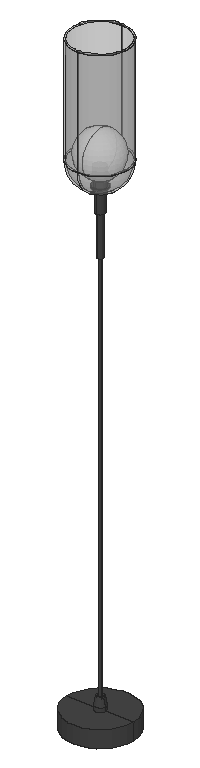
Revit family "AFX-Kirian-Pendant+", category Lighting Fixtures, host Face, Revit 2020
Family settings
  Host = Face
  Round Connector Dimension = Use Diameter
  Part Type = Normal
  Cut with Voids When Loaded = No
  Light Source = Yes
  Shared = No
  Room Calculation Point = No
Parameters (values of type "KRNP04")
  Wattage Comments = "6W"
  Wattage = 19 W
  built-in parameter 1150110 = 1 (stored number, unit not read)
  Voltage = 120 V
  URL = "https://www.afxinc.com/"
  Type Comments = "GLO"  # constant formula
  built-in parameter 1114217 = 1 (stored number, unit not read)
  Tilt Angle = 90.00°
  built-in parameter 1150109 = 1 (stored number, unit not read)
  built-in parameter 1150134 = (empty or 0)
  built-in parameter 1150113 = 1 (stored number, unit not read)
  Diffuser Finish = AFX - White Acrylic
  Revit Model Built By = "https://servex-us.com/servex-revit/"
  Product Documentation Link = "https://www.afxinc.com/products/productDetail.cfm?productID=1902"
  Photometric Web File = "KRNP04L30D1BK_3000K_IES.IES"
  Model = "KRNP04"
  Manufacturer = "AFX Inc"  # constant formula
  built-in parameter 1150105 = 224.59 (stored number, unit not read)
  Lumens = 2822.3 lm
  built-in parameter 1150115 = 1 (stored number, unit not read)
  built-in parameter 1150137 = (empty or 0)
  built-in parameter 1150139 = (empty or 0)
  built-in parameter 1150112 = 1 (stored number, unit not read)
  built-in parameter 1150114 = 1 (stored number, unit not read)
  Lamp = "LED"
  built-in parameter 1150132 = (empty or 0)
  built-in parameter 1150102 = (empty or 0)
  built-in parameter 1150107 = 3000 (stored number, unit not read)
  built-in parameter 1150138 = (empty or 0)
  built-in parameter 1150106 = 2.2459 (stored number, unit not read)
  Height = 9 3/4"
  Emit from Circle Diameter = 24"
  Emit Shape Visible in Rendering = no
  built-in parameter 1150104 = 13.8 (stored number, unit not read)
  Dimming Lamp Color Temperature Shift = <None>
  Diameter = 4"
  Description = "4\" LED Pendant"
  Default Elevation = 48"
  Colour Rendering Index = "90 CRI"
  Color Rendering Index = 90
  Color Filter = 16777215
  Ceiling Distance [instance] = 30"
  Cable Finish = AFX - Aluminum Black
  Bracket Finish = AFX - Aluminum Black
  Body Finish = AFX - Glass, Cast, Gray
  built-in parameter 1114218 = 1 (stored number, unit not read)
  built-in parameter 1150133 = 10 (stored number, unit not read)
  Assembly Code = "D5020200"
  Apparent Load = 0 VA
Reference planes (in)
  plane 1 "Center (Front/Back)": y = 0
  plane 2: z = 0
  plane 3 "Center (Left/Right)": x = 0
  plane 4: z = 1.1811
  plane 5: z = 40.09118
  plane 6: z = 44.03543
  plane 7: z = 30
Forms (in)
  Revolve 1, solid, material "AFX - Glass, Cast, Gray" <- "Body Finish"
    sketch origin (0, 0, 0) x (0, 1, 0) y (0, 0, 1)
      loop
        arc (2.00964, 43.92841) -> (1.95495, 43.9831) -> (1.90027, 43.92841) r 0.05469
        line (1.90027, 43.92841) -> (1.90027, 36.21737)
        arc (1.90027, 36.21737) -> (1.43382, 34.9703) -> (0.26346, 34.33545) r 1.90027
        line (0.26346, 34.33545) -> (0.26346, 34.22507)
        arc (0.26346, 34.22507) -> (1.51131, 34.89276) -> (2.00964, 36.21737) r 2.00964
        line (2.00964, 36.21737) -> (2.00964, 43.92841)
      axis (0, 34.22507) -> (0, 43.92841)
    angle from 0 to 360
  Revolve 2, solid, material "AFX - White Acrylic" <- "Diffuser Finish"
    sketch origin (0, 0, 0) x (0, 1, 0) y (0, 0, 1)
      loop
        line (0.42431, 35.13435) -> (0.61085, 35.13435)
        arc (0.61085, 35.13435) -> (1.54492, 36.89876) -> (0, 38.16322) r 1.57603
        line (0, 38.16322) -> (0, 38.10072)
        arc (0, 38.10072) -> (1.49828, 36.8015) -> (0.42431, 35.13435) r 1.51353
      axis (0, 38.16322) -> (0, 35.13435)
    angle from 0 to 360
  Revolve 3, solid, material "AFX - Aluminum Black" <- "Bracket Finish"
    sketch origin (0, 0, 0) x (0, 1, 0) y (0, 0, 1)
      loop
        line (0.41339, 35.82677) -> (0, 35.82677) -> (0, 30) -> (0.17824, 30) -> (0.17824, 32.88189) -> (0.29949, 32.88189) -> (0.29949, 34.28757) -> (0.26346, 34.28757) -> (0.26346, 34.47353) -> (0.54319, 34.47353) -> (0.54319, 34.54724) -> (0.36284, 34.54724) -> (0.36284, 35.13619) -> (0.58942, 35.13619) -> (0.58942, 35.19823) -> (0.41339, 35.19823) -> (0.41339, 35.82677)
      axis (0, 30) -> (0, 35.82677)
    angle from 0 to 360
  Extrusion 4, solid, material "AFX - Aluminum Black" <- "Cable Finish"
    sketch origin (-23.60649, -180, 36) x (1, 0, 0) y (0, 1, 0)
      loop
        circle (23.60649, 180) r 0.10205
    from -34.8189 to -6
  Revolve 5, solid, material "AFX - Aluminum Black" <- "Bracket Finish"
    sketch origin (0, 0, 0) x (1, 0, 0) y (0, 0, 1)
      loop
        line (-2.37435, 0) -> (0, 0) -> (0, 1.1811) -> (-0.09535, 1.1811) -> (-0.09535, 2.04724) -> (-0.2321, 2.04724) -> (-0.37435, 1.4311) -> (-0.37435, 1.1811) -> (-2.37435, 1.1811) -> (-2.37435, 0)
      axis (0, 2.04724) -> (0, 0)
    angle from 0 to 360
Dimensions and locks (in)
  locked: plane 4 to plane 2 at 1.1811
  "Ceiling Distance": plane 7 to plane 2
  Revolve 5 sketch curve to Revolve 5 sketch curve to plane 4 = 0.61614" locked, 1/4" locked
  locked: plane 5 to plane 7 at 10.09118
  locked: plane 6 to plane 7 at 14.03543
  Revolve 3 sketch curve to Revolve 3 sketch curve to Revolve 3 sketch curve to Revolve 3 sketch curve to Revolve 3 sketch curve to Revolve 3 sketch curve to Revolve 3 sketch curve to plane 7 = 0.62854" locked, 0.06204" locked, 0.58895" locked, 0.07371" locked, 0.18596" locked, 1.40568" locked, 2.88189" locked
  aligned and locked: plane 2 to host face
  aligned and locked: level to host face
  aligned and locked: imposter light to plane 1 "Center (Front/Back)"
  aligned and locked: imposter light to plane 3 "Center (Left/Right)"
  aligned and locked: imposter light to plane 5
  aligned and locked: Extrusion 4 to plane 4
  aligned and locked: plane 7 to Extrusion 4
  aligned and locked: Revolve 5 sketch curve to plane 4
  aligned and locked: plane 4 to Revolve 5 sketch curve
  aligned and locked: Revolve 3 sketch curve to plane 7
Automatic sketch dimensions
  host sketch curve to host sketch curve = 96"  (x2)
  Revolve 1 sketch curve to Revolve 1 sketch curve = 0"  (x2)
  Revolve 1 sketch curve to plane 1 "Center (Front/Back)" = 0"  (x2)
  Revolve 1 sketch curve to plane 1 "Center (Front/Back)" = 0.26346"
  Revolve 1 sketch curve to plane 6 = 0.10702"
  Revolve 1 sketch curve to plane 1 "Center (Front/Back)" = 1.90027"
  Revolve 1 sketch curve to Revolve 1 sketch curve = 7/128"
  Revolve 1 sketch curve to plane 5 = 3.87382"
  Revolve 1 sketch curve to Revolve 1 sketch curve = 0.27987"
  Revolve 1 sketch curve to plane 7 = 5/16"
  Revolve 2 sketch curve to Revolve 2 sketch curve = 0"  (x3)
  Revolve 2 sketch curve to plane 1 "Center (Front/Back)" = 0"  (x2)
  Revolve 2 sketch curve to plane 1 "Center (Front/Back)" = 0.42431"
  Revolve 2 sketch curve to Revolve 2 sketch curve = 0.18654"
  Revolve 2 sketch curve to plane 5 = 4.95683"
  Revolve 2 sketch curve to Revolve 2 sketch curve = 1.45284"
  Revolve 2 sketch curve to Revolve 2 sketch curve = 0.5993"
  Revolve 3 sketch curve to plane 1 "Center (Front/Back)" = 0"  (x2)
  Revolve 3 sketch curve to Revolve 3 sketch curve = 0.17824"
  Revolve 3 sketch curve to plane 1 "Center (Front/Back)" = 0.26346"
  Revolve 3 sketch curve to Revolve 3 sketch curve = 0.12125"
  Revolve 3 sketch curve to plane 1 "Center (Front/Back)" = 0.36284"
  Revolve 3 sketch curve to Revolve 3 sketch curve = 0.41339"
  Revolve 3 sketch curve to Revolve 3 sketch curve = 0.18035"
  Revolve 3 sketch curve to Revolve 3 sketch curve = 0.17604"
  Revolve 3 sketch curve to Revolve 3 sketch curve = 1/16"
  Revolve 3 sketch curve to Revolve 3 sketch curve = 11/16"
  plane 1 "Center (Front/Back)" to Extrusion 4 sketch curve = 0"
  Extrusion 4 sketch curve to plane 3 "Center (Left/Right)" = 0"
  Revolve 5 sketch curve to level = 0"  (x2)
  Revolve 5 sketch curve to plane 3 "Center (Left/Right)" = 0"  (x2)
  Revolve 5 sketch curve to Revolve 5 sketch curve = 0.09535"
  Revolve 5 sketch curve to Revolve 5 sketch curve = 0.13675"
  Revolve 5 sketch curve to plane 3 "Center (Left/Right)" = 0.37435"
  Revolve 5 sketch curve to Revolve 5 sketch curve = 2"
  Revolve 5 sketch curve to level = 1 1/4"
  radius of Extrusion 4 sketch curve = 0.10205"
